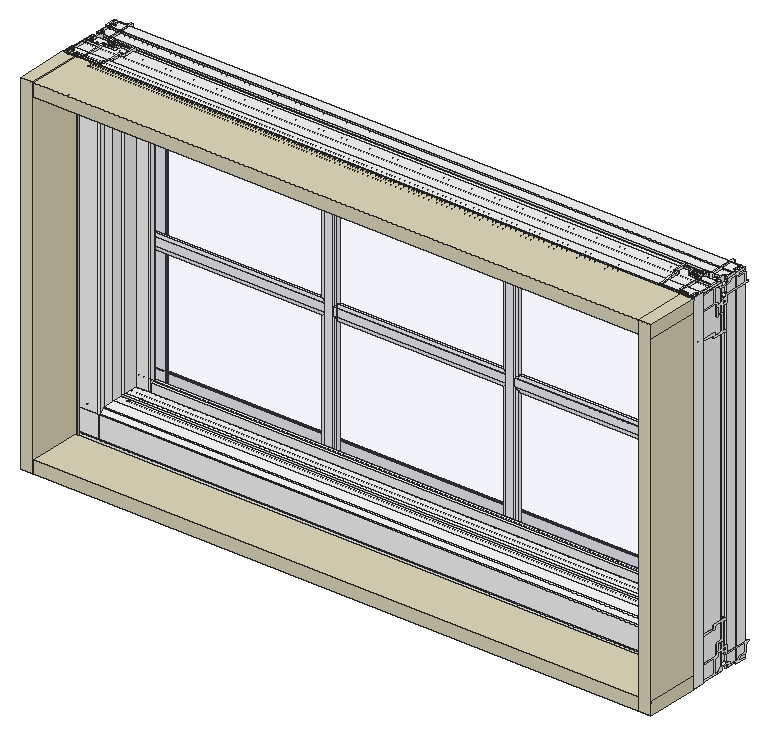
Revit family
Parameters
  Visible Light Transmission = 0
  Vertical Mullion 5 [instance] = and(Traditional Grille, not(Width > 5' 11 1/2"), and(Width > 5' 11 1/4"))  # no
  Vertical Mullion 4 [instance] = and(Traditional Grille, not(Width > 5' 11 1/4"), and(Width > 4' 11 1/4"))  # no
  Vertical Mullion 3 [instance] = and(Traditional Grille, not(Width > 4' 11 1/4"), and(Width > 3' 11 1/4"))  # no
  Vertical Mullion 2 [instance] = and(Traditional Grille, not(Width > 3' 11 1/4"), and(Width > 2' 3 1/4"))  # yes
  Vertical Mullion 1 [instance] = and(Traditional Grille, not(Width > 2' 3 1/4"), and(Width > 1' 5 1/4"))  # no
  Unit Width = 2' - 7 1/2"
  Unit Height = 1' - 5 1/2"
  URL = "www.pella.com"
  U Value = 0
  Traditional Grille [instance] = yes
  Solar Heat Gain Coefficient = 0
  Size Constraints = "Window Sizing constraints available in 1/4 inch (6.35 mm) increments"  # constant formula
  Set Back = 0' - 1 5/16"
  Series = "Impervia Series"  # constant formula
  Sections = ""
  Sash Width = Width - 0' 2.61339"  # 2' - 4.88661"
  STC Rating = 0
  Rough Width = Width + 0' 0 1/2"  # 2' - 8"
  Rough Height = Height + 0' 0 1/2"  # 1' - 6"
  Revisions Date = "10/08/2009"  # constant formula
  R Value = 0
  Prairie Grille [instance] = no
  OmniClass Title = "Casement Windows"  # constant formula
  OmniClass Number = "23.30.20.17.21.14"  # constant formula
  Model = "2816"
  MasterFormat Title = "Fiberglass Windows"  # constant formula
  MasterFormat Number = "08.54.66"  # constant formula
  Manufacturer = "Pella Windows & Doors"  # constant formula
  LEED = ""
  Interior Finish = Wood-Pella-Interior-Factory Primed
  Horizontal Mullion 1 [instance] = and(Traditional Grille, not(Height > 1' 11 1/2"), and(Height > 1' 5 1/4"))  # yes
  Height = if(or(and(Unit Height < 1' 11 1/2", Unit Height > 0' 11 1/2"), or(Unit Height = 1' 11 1/2", Unit Height = 0' 11 1/2")), Unit Height, if(Unit Height < 0' 11 1/2", 0' 11 1/2", 1' 11 1/2"))  # 1' - 5 1/2"
  Head Height = Default Sill Height + Height  # 4' - 1"
  Grille Finish = Cladding-Pella-White
  Glazing Type = Glazing-Pella-Argon Filled, Low-E Insulating Glass
  Glazing = 0' - 0.69016"  # constant formula
  Exterior Finish = Cladding-Pella-White
  Energy Star = ""
  Design Pressure = ""
  Description = "Casement - Transom Unit"  # constant formula
  Default Sill Height = 2' - 7 1/2"
  Wall Closure = (empty or 0)
  Width = if(or(and(Unit Width < 6' 7 1/2", Unit Width > 1' 5 1/2"), or(Unit Width = 6' 7 1/2", Unit Width = 1' 5 1/2")), Unit Width, if(Unit Width < 1' 5 1/2", 1' 5 1/2", 6' 7 1/2"))  # 2' - 7 1/2"
  Assembly Code = "B2020100"
  Architectural Design Manual = "www.pellaadm.com"
  Architectural Data Sheet = "To be determined"
  Air Leakage = 0
Reference planes (in)
  plane 1: y = 0
  plane 2 "Center (Left/Right)": x = 0
  plane 3 "Left": x = -15.75
  plane 4 "Right": x = 15.75
  plane 5 "Sill": z = 31.5
  plane 6 "Head": z = 49
  plane 7 "Exterior": y = 2.95276
  plane 8 "Interior": y = -2.95276
  plane 9 "Exterior Facade": y = 4.26526
  plane 10 "Set Back": y = 2.95276
  plane 11 "Left Sash": x = -14.44331
  plane 12 "Right Sash": x = 14.44331
  plane 13 "Head (Interior)": z = 47.6935
  plane 14 "Sill (Interior)": z = 32.8065
  plane 15: z = 40.25
  plane 16 "Glazing Exterior - Exterior": y = 2.74841
  plane 17 "Glazing Exterior - Interior": y = 2.6303
  plane 18 "Glazing Interior - Exterior": y = 2.05825
  plane 19 "Glazing Interior - Interior": y = 2.17636
  plane 20: x = 15.125
  plane 21: y = -0.29743
  plane 22: x = -15.125
  plane 23: y = -0.29743
  plane 24: z = 32.125
  plane 25: y = -0.29715
  plane 26: y = -0.29715
  plane 27: z = 48.375
  plane 28: z = 46.82519
  plane 29: z = 33.67481
  plane 30: x = -13.575
  plane 31: x = 13.575
  plane 32: x = 0.375
  plane 33: x = -0.375
  plane 34: x = -4.525
  plane 35: x = 4.525
  plane 36: x = -4.15
  plane 37: x = -4.9
  plane 38: x = 4.9
  plane 39: x = 4.15
  plane 40: x = -6.7875
  plane 41: x = 0
  plane 42: x = 6.7875
  plane 43: x = -6.4125
  plane 44: x = -7.1625
  plane 45: x = 7.1625
  plane 46: x = 6.4125
  plane 47: x = 0.375
  plane 48: x = -0.375
  plane 49: x = -8.145
  plane 50: x = -2.715
  plane 51: x = 2.715
  plane 52: x = 8.145
  plane 53: x = -7.77
  plane 54: x = -8.52
  plane 55: x = -2.34
  plane 56: x = -3.09
  plane 57: x = 3.09
  plane 58: x = 2.34
  plane 59: x = 8.52
  plane 60: x = 7.77
  plane 61: x = -9.05
  plane 62: x = -4.525
  plane 63: x = 0
  plane 64: x = 4.525
  plane 65: x = 9.05
  plane 66: z = 39.875
  plane 67: z = 40.625
  plane 68: z = 38.05827
  plane 69: z = 42.44173
  plane 70: z = 36.9624
  plane 71: z = 40.25
  plane 72: z = 43.5376
  plane 73: z = 36.30488
  plane 74: z = 38.93496
  plane 75: z = 41.56504
  plane 76: z = 44.19512
  plane 77: x = -9.70571
  plane 78: x = -10.45571
  plane 79: x = 10.45571
  plane 80: x = 9.70571
  plane 81: z = 42.98154
  plane 82: z = 43.73154
  plane 83: z = 37.51846
  plane 84: z = 36.76846
  plane 85: y = 2.28522
  plane 86: y = 2.52144
  plane 87: y = 2.28522
  plane 88: y = 2.52144
  plane 89: y = 2.28522
  plane 90: y = 2.52144
  plane 91: y = 2.28522
  plane 92: y = 2.52144
  plane 93: y = 2.28522
  plane 94: y = 2.52144
  plane 95: x = -14.4435
  plane 96: x = -14.3735
  plane 97: x = -13.9795
  plane 98: x = -13.9295
  plane 99: x = -13.7495
  plane 100: x = -13.6995
  plane 101: x = -13.6005
  plane 102: x = -13.1005
  plane 103: x = -13.0695
  plane 104: x = -12.9995
  plane 105: y = 2.82876
  plane 106: y = 2.77876
  plane 107: y = 2.62503
  plane 108: y = 2.53503
  plane 109: y = 2.48503
  plane 110: y = 2.05825
  plane 111: y = 1.97676
  plane 112: y = 1.77676
  plane 113: y = 1.72676
  plane 114: x = 8.675
  plane 115: x = 9.425
  plane 116: x = 4.15
  plane 117: x = 4.9
  plane 118: x = 0.375
  plane 119: x = -0.375
  plane 120: x = -4.9
  plane 121: x = -4.15
  plane 122: x = -8.675
  plane 123: x = -9.425
  plane 124: y = 2.52144
  plane 125: y = 2.28522
Forms (in)
  Sweep 1, solid, material "Cladding-Pella-White" <- "Exterior Finish"
    path origin (0, 2.95276, 0) x (1, 0, 0) y (0, 0, 1)
      loop
        line (-15.75, 31.5) -> (-15.75, 49)
    profile origin (-15.75, 2.95276, 40.25) x (-1, 0, 0) y (0, -1, 0)
      loop
        line (-0.15, 1.92) -> (-0.775, 1.92)
        arc (-0.775, 1.92) -> (-0.79621, 1.91121) -> (-0.805, 1.89) r 0.03
        line (-0.805, 1.89) -> (-0.805, 1.82)
        arc (-0.805, 1.82) -> (-0.82843, 1.76343) -> (-0.885, 1.74) r 0.08
        line (-0.885, 1.74) -> (-0.94, 1.74)
        arc (-0.94, 1.74) -> (-0.96121, 1.73121) -> (-0.97, 1.71) r 0.03
        line (-0.97, 1.71) -> (-0.97, 1.528)
        arc (-0.97, 1.528) -> (-0.96121, 1.50679) -> (-0.94, 1.498) r 0.03
        line (-0.94, 1.498) -> (-0.905, 1.498)
        arc (-0.905, 1.498) -> (-0.86257, 1.48043) -> (-0.845, 1.438) r 0.06
        line (-0.845, 1.438) -> (-0.845, 1.285)
        arc (-0.845, 1.285) -> (-0.83621, 1.26379) -> (-0.815, 1.255) r 0.03
        line (-0.815, 1.255) -> (-0.78, 1.255)
        arc (-0.78, 1.255) -> (-0.72343, 1.23157) -> (-0.7, 1.175) r 0.08
        line (-0.7, 1.175) -> (-0.7, 0.08)
        arc (-0.7, 0.08) -> (-0.69121, 0.05879) -> (-0.67, 0.05) r 0.03
        line (-0.67, 0.05) -> (-0.275, 0.05)
        arc (-0.275, 0.05) -> (-0.25379, 0.05879) -> (-0.245, 0.08) r 0.03
        line (-0.245, 0.08) -> (-0.245, 0.365)
        arc (-0.245, 0.365) -> (-0.21718, 0.43218) -> (-0.15, 0.46) r 0.095
        arc (-0.15, 0.46) -> (-0.12879, 0.46879) -> (-0.12, 0.49) r 0.03
        line (-0.12, 0.49) -> (-0.12, 0.88442)
        arc (-0.12, 0.88442) -> (-0.12603, 0.90692) -> (-0.1425, 0.92339) r 0.045
        line (-0.1425, 0.92339) -> (-0.22, 0.96813)
        arc (-0.22, 0.96813) -> (-0.2566, 1.00474) -> (-0.27, 1.05474) r 0.1
        line (-0.27, 1.05474) -> (-0.27, 1.51526)
        arc (-0.27, 1.51526) -> (-0.2566, 1.56526) -> (-0.22, 1.60187) r 0.1
        line (-0.22, 1.60187) -> (-0.1425, 1.64661)
        arc (-0.1425, 1.64661) -> (-0.12603, 1.66308) -> (-0.12, 1.68558) r 0.045
        line (-0.12, 1.68558) -> (-0.12, 1.89)
        arc (-0.12, 1.89) -> (-0.12879, 1.91121) -> (-0.15, 1.92) r 0.03
      loop
        line (-0.5, 3.03) -> (-0.795, 3.03)
        arc (-0.795, 3.03) -> (-0.81621, 3.02121) -> (-0.825, 3) r 0.03
        line (-0.825, 3) -> (-0.825, 2.02)
        arc (-0.825, 2.02) -> (-0.81621, 1.99879) -> (-0.795, 1.99) r 0.03
        line (-0.795, 1.99) -> (-0.15, 1.99)
        arc (-0.15, 1.99) -> (-0.12879, 1.99879) -> (-0.12, 2.02) r 0.03
        line (-0.12, 2.02) -> (-0.12, 2.76)
        arc (-0.12, 2.76) -> (-0.12879, 2.78121) -> (-0.15, 2.79) r 0.03
        arc (-0.15, 2.79) -> (-0.21718, 2.81782) -> (-0.245, 2.885) r 0.095
        line (-0.245, 2.885) -> (-0.245, 3.17)
        arc (-0.245, 3.17) -> (-0.25379, 3.19121) -> (-0.275, 3.2) r 0.03
        line (-0.275, 3.2) -> (-0.39, 3.2)
        arc (-0.39, 3.2) -> (-0.41121, 3.19121) -> (-0.42, 3.17) r 0.03
        line (-0.42, 3.17) -> (-0.42, 3.11)
        arc (-0.42, 3.11) -> (-0.44343, 3.05343) -> (-0.5, 3.03) r 0.08
      loop
        line (-1.792, 1.98234) -> (-1.792, 2.45149) -> (-1.69837, 2.88949) -> (-1.69837, 3.08793) -> (-0.7, 3.09469) -> (-0.64, 3.10969) -> (-0.5, 3.10969) -> (-0.5, 3.16969) -> (-0.64, 3.16969) -> (-0.7, 3.18469) -> (-1.70837, 3.178)
        arc (-1.70837, 3.178) -> (-1.76494, 3.15457) -> (-1.78837, 3.098) r 0.08
        line (-1.78837, 3.098) -> (-1.78837, 2.899) -> (-1.882, 2.461) -> (-1.882, 1.992) -> (-1.96079, 1.98925)
        arc (-1.96079, 1.98925) -> (-2.01555, 1.96487) -> (-2.038, 1.9093) r 0.08
        line (-2.038, 1.9093) -> (-2.038, 1.878) -> (-2.038, 1.245) -> (-1.948, 1.245) -> (-1.948, 1.365)
        arc (-1.948, 1.365) -> (-1.93922, 1.38621) -> (-1.918, 1.395) r 0.03
        line (-1.918, 1.395) -> (-1.48, 1.395)
        arc (-1.48, 1.395) -> (-1.42343, 1.41843) -> (-1.4, 1.475) r 0.08
        line (-1.4, 1.475) -> (-1.4, 1.53)
        arc (-1.4, 1.53) -> (-1.39414, 1.54414) -> (-1.38, 1.55) r 0.02
        line (-1.38, 1.55) -> (-1.24, 1.55) -> (-1.24, 1.61) -> (-1.38, 1.61)
        arc (-1.38, 1.61) -> (-1.39414, 1.61586) -> (-1.4, 1.63) r 0.02
        line (-1.4, 1.63) -> (-1.4, 1.74) -> (-1.17, 1.74) -> (-1.1639, 1.70055) -> (-1.07867, 1.74317)
        arc (-1.07867, 1.74317) -> (-1.06289, 1.77689) -> (-1.09208, 1.8) r 0.03
        line (-1.09208, 1.8) -> (-1.38, 1.8)
        arc (-1.38, 1.8) -> (-1.43657, 1.77657) -> (-1.46, 1.72) r 0.08
        line (-1.46, 1.72) -> (-1.46, 1.515)
        arc (-1.46, 1.515) -> (-1.46879, 1.49379) -> (-1.49, 1.485) r 0.03
        line (-1.49, 1.485) -> (-1.918, 1.485)
        arc (-1.918, 1.485) -> (-1.93922, 1.49379) -> (-1.948, 1.515) r 0.03
        line (-1.948, 1.515) -> (-1.948, 1.89964) -> (-1.86921, 1.90239)
        arc (-1.86921, 1.90239) -> (-1.81446, 1.92677) -> (-1.792, 1.98234) r 0.08
      loop
        arc (-1.04, 1.528) -> (-1.04879, 1.50679) -> (-1.07, 1.498) r 0.03
        line (-1.07, 1.498) -> (-1.35, 1.498) -> (-1.35, 1.428) -> (-1.115, 1.428)
        arc (-1.115, 1.428) -> (-1.10086, 1.42214) -> (-1.095, 1.408) r 0.02
        arc (-1.095, 1.408) -> (-1.07, 1.383) -> (-1.045, 1.408) r 0.025
        arc (-1.045, 1.408) -> (-1.03914, 1.42214) -> (-1.025, 1.428) r 0.02
        line (-1.025, 1.428) -> (-0.915, 1.428) -> (-0.915, 1.235) -> (-1.045, 1.235) -> (-1.045, 1.285) -> (-1.095, 1.285) -> (-1.095, 1.215)
        arc (-1.095, 1.215) -> (-1.08621, 1.19379) -> (-1.065, 1.185) r 0.03
        line (-1.065, 1.185) -> (-0.78, 1.185)
        arc (-0.78, 1.185) -> (-0.75879, 1.17621) -> (-0.75, 1.155) r 0.03
        line (-0.75, 1.155) -> (-0.75, -0.17) -> (-0.65, -0.17) -> (-0.53096, 0) -> (-0.275, 0)
        arc (-0.275, 0) -> (-0.21843, 0.02343) -> (-0.195, 0.08) r 0.08
        line (-0.195, 0.08) -> (-0.195, 0.41) -> (-0.07, 0.41) -> (-0.07, 0.1114) -> (-0.0343, 0.04767) -> (0, 0.04767) -> (0, 0.56) -> (-0.07, 0.56) -> (-0.07, 1.08062)
        arc (-0.07, 1.08062) -> (-0.11054, 1.11089) -> (-0.15052, 1.07988) r 0.04177
        line (-0.15052, 1.07988) -> (-0.15052, 1.03516) -> (-0.22, 1.03516) -> (-0.22, 1.535) -> (-0.15052, 1.535) -> (-0.15052, 1.49028)
        arc (-0.15052, 1.49028) -> (-0.11022, 1.45927) -> (-0.06983, 1.49016) r 0.04177
        line (-0.06983, 1.49016) -> (-0.06983, 2.68997) -> (0.00006, 2.68997) -> (0.00006, 3.20233) -> (-0.0343, 3.20233) -> (-0.07, 3.1386) -> (-0.07, 2.88501)
        arc (-0.07, 2.88501) -> (-0.08318, 2.85319) -> (-0.115, 2.84001) r 0.04499
        line (-0.115, 2.84001) -> (-0.14998, 2.84001)
        arc (-0.14998, 2.84001) -> (-0.18178, 2.85319) -> (-0.19495, 2.88499) r 0.04498
        line (-0.19495, 2.88499) -> (-0.19495, 3.17009)
        arc (-0.19495, 3.17009) -> (-0.21841, 3.22672) -> (-0.27505, 3.25018) r 0.08009
        line (-0.27505, 3.25018) -> (-0.72986, 3.25018)
        arc (-0.72986, 3.25018) -> (-0.74995, 3.225) -> (-0.72986, 3.19982) r 0.02583
        line (-0.72986, 3.19982) -> (-0.49995, 3.19982)
        arc (-0.49995, 3.19982) -> (-0.47881, 3.19106) -> (-0.47005, 3.16991) r 0.02991
        line (-0.47005, 3.16991) -> (-0.47005, 3.10999)
        arc (-0.47005, 3.10999) -> (-0.47883, 3.08879) -> (-0.50002, 3.08001) r 0.02998
        line (-0.50002, 3.08001) -> (-0.795, 3.08001)
        arc (-0.795, 3.08001) -> (-0.85157, 3.05658) -> (-0.875, 3.00001) r 0.08001
        line (-0.875, 3.00001) -> (-0.875, 1.84)
        arc (-0.875, 1.84) -> (-0.88379, 1.81879) -> (-0.905, 1.81) r 0.03
        line (-0.905, 1.81) -> (-0.995, 1.81)
        arc (-0.995, 1.81) -> (-1.02682, 1.79682) -> (-1.04, 1.765) r 0.045
        line (-1.04, 1.765) -> (-1.04, 1.69) -> (-1.35, 1.69) -> (-1.35, 1.62) -> (-1.04, 1.62) -> (-1.04, 1.528)
  Sweep 2, solid, material "Cladding-Pella-White" <- "Exterior Finish"
    path origin (0, 2.95276, 0) x (1, 0, 0) y (0, 0, 1)
      loop
        line (15.75, 31.5) -> (15.75, 49)
    profile origin (15.75, 2.95276, 40.25) x (-1, 0, 0) y (0, -1, 0)
      loop
        arc (0.15, 1.92) -> (0.12879, 1.91121) -> (0.12, 1.89) r 0.03
        line (0.12, 1.89) -> (0.12, 1.68558)
        arc (0.12, 1.68558) -> (0.12603, 1.66308) -> (0.1425, 1.64661) r 0.045
        line (0.1425, 1.64661) -> (0.22, 1.60187)
        arc (0.22, 1.60187) -> (0.2566, 1.56526) -> (0.27, 1.51526) r 0.1
        line (0.27, 1.51526) -> (0.27, 1.05474)
        arc (0.27, 1.05474) -> (0.2566, 1.00474) -> (0.22, 0.96813) r 0.1
        line (0.22, 0.96813) -> (0.1425, 0.92339)
        arc (0.1425, 0.92339) -> (0.12603, 0.90692) -> (0.12, 0.88442) r 0.045
        line (0.12, 0.88442) -> (0.12, 0.49)
        arc (0.12, 0.49) -> (0.12879, 0.46879) -> (0.15, 0.46) r 0.03
        arc (0.15, 0.46) -> (0.21718, 0.43218) -> (0.245, 0.365) r 0.095
        line (0.245, 0.365) -> (0.245, 0.08)
        arc (0.245, 0.08) -> (0.25379, 0.05879) -> (0.275, 0.05) r 0.03
        line (0.275, 0.05) -> (0.67, 0.05)
        arc (0.67, 0.05) -> (0.69121, 0.05879) -> (0.7, 0.08) r 0.03
        line (0.7, 0.08) -> (0.7, 1.175)
        arc (0.7, 1.175) -> (0.72343, 1.23157) -> (0.78, 1.255) r 0.08
        line (0.78, 1.255) -> (0.815, 1.255)
        arc (0.815, 1.255) -> (0.83621, 1.26379) -> (0.845, 1.285) r 0.03
        line (0.845, 1.285) -> (0.845, 1.438)
        arc (0.845, 1.438) -> (0.86257, 1.48043) -> (0.905, 1.498) r 0.06
        line (0.905, 1.498) -> (0.94, 1.498)
        arc (0.94, 1.498) -> (0.96121, 1.50679) -> (0.97, 1.528) r 0.03
        line (0.97, 1.528) -> (0.97, 1.71)
        arc (0.97, 1.71) -> (0.96121, 1.73121) -> (0.94, 1.74) r 0.03
        line (0.94, 1.74) -> (0.885, 1.74)
        arc (0.885, 1.74) -> (0.82843, 1.76343) -> (0.805, 1.82) r 0.08
        line (0.805, 1.82) -> (0.805, 1.89)
        arc (0.805, 1.89) -> (0.79621, 1.91121) -> (0.775, 1.92) r 0.03
        line (0.775, 1.92) -> (0.15, 1.92)
      loop
        arc (0.5, 3.03) -> (0.44343, 3.05343) -> (0.42, 3.11) r 0.08
        line (0.42, 3.11) -> (0.42, 3.17)
        arc (0.42, 3.17) -> (0.41121, 3.19121) -> (0.39, 3.2) r 0.03
        line (0.39, 3.2) -> (0.275, 3.2)
        arc (0.275, 3.2) -> (0.25379, 3.19121) -> (0.245, 3.17) r 0.03
        line (0.245, 3.17) -> (0.245, 2.885)
        arc (0.245, 2.885) -> (0.21718, 2.81782) -> (0.15, 2.79) r 0.095
        arc (0.15, 2.79) -> (0.12879, 2.78121) -> (0.12, 2.76) r 0.03
        line (0.12, 2.76) -> (0.12, 2.02)
        arc (0.12, 2.02) -> (0.12879, 1.99879) -> (0.15, 1.99) r 0.03
        line (0.15, 1.99) -> (0.795, 1.99)
        arc (0.795, 1.99) -> (0.81621, 1.99879) -> (0.825, 2.02) r 0.03
        line (0.825, 2.02) -> (0.825, 3)
        arc (0.825, 3) -> (0.81621, 3.02121) -> (0.795, 3.03) r 0.03
        line (0.795, 3.03) -> (0.5, 3.03)
      loop
        arc (1.792, 1.98234) -> (1.81446, 1.92677) -> (1.86921, 1.90239) r 0.08
        line (1.86921, 1.90239) -> (1.948, 1.89964) -> (1.948, 1.515)
        arc (1.948, 1.515) -> (1.93922, 1.49379) -> (1.918, 1.485) r 0.03
        line (1.918, 1.485) -> (1.49, 1.485)
        arc (1.49, 1.485) -> (1.46879, 1.49379) -> (1.46, 1.515) r 0.03
        line (1.46, 1.515) -> (1.46, 1.72)
        arc (1.46, 1.72) -> (1.43657, 1.77657) -> (1.38, 1.8) r 0.08
        line (1.38, 1.8) -> (1.09208, 1.8)
        arc (1.09208, 1.8) -> (1.06289, 1.77689) -> (1.07867, 1.74317) r 0.03
        line (1.07867, 1.74317) -> (1.1639, 1.70055) -> (1.17, 1.74) -> (1.4, 1.74) -> (1.4, 1.63)
        arc (1.4, 1.63) -> (1.39414, 1.61586) -> (1.38, 1.61) r 0.02
        line (1.38, 1.61) -> (1.24, 1.61) -> (1.24, 1.55) -> (1.38, 1.55)
        arc (1.38, 1.55) -> (1.39414, 1.54414) -> (1.4, 1.53) r 0.02
        line (1.4, 1.53) -> (1.4, 1.475)
        arc (1.4, 1.475) -> (1.42343, 1.41843) -> (1.48, 1.395) r 0.08
        line (1.48, 1.395) -> (1.918, 1.395)
        arc (1.918, 1.395) -> (1.93922, 1.38621) -> (1.948, 1.365) r 0.03
        line (1.948, 1.365) -> (1.948, 1.245) -> (2.038, 1.245) -> (2.038, 1.878) -> (2.038, 1.9093)
        arc (2.038, 1.9093) -> (2.01555, 1.96487) -> (1.96079, 1.98925) r 0.08
        line (1.96079, 1.98925) -> (1.882, 1.992) -> (1.882, 2.461) -> (1.78837, 2.899) -> (1.78837, 3.098)
        arc (1.78837, 3.098) -> (1.76494, 3.15457) -> (1.70837, 3.178) r 0.08
        line (1.70837, 3.178) -> (0.7, 3.18469) -> (0.64, 3.16969) -> (0.5, 3.16969) -> (0.5, 3.10969) -> (0.64, 3.10969) -> (0.7, 3.09469) -> (1.69837, 3.08793) -> (1.69837, 2.88949) -> (1.792, 2.45149) -> (1.792, 1.98234)
      loop
        line (1.04, 1.528) -> (1.04, 1.62) -> (1.35, 1.62) -> (1.35, 1.69) -> (1.04, 1.69) -> (1.04, 1.765)
        arc (1.04, 1.765) -> (1.02682, 1.79682) -> (0.995, 1.81) r 0.045
        line (0.995, 1.81) -> (0.905, 1.81)
        arc (0.905, 1.81) -> (0.88379, 1.81879) -> (0.875, 1.84) r 0.03
        line (0.875, 1.84) -> (0.875, 3.00001)
        arc (0.875, 3.00001) -> (0.85157, 3.05658) -> (0.795, 3.08001) r 0.08001
        line (0.795, 3.08001) -> (0.50002, 3.08001)
        arc (0.50002, 3.08001) -> (0.47883, 3.08879) -> (0.47005, 3.10999) r 0.02998
        line (0.47005, 3.10999) -> (0.47005, 3.16991)
        arc (0.47005, 3.16991) -> (0.47881, 3.19106) -> (0.49995, 3.19982) r 0.02991
        line (0.49995, 3.19982) -> (0.72986, 3.19982)
        arc (0.72986, 3.19982) -> (0.74995, 3.225) -> (0.72986, 3.25018) r 0.02583
        line (0.72986, 3.25018) -> (0.27505, 3.25018)
        arc (0.27505, 3.25018) -> (0.21841, 3.22672) -> (0.19495, 3.17009) r 0.08009
        line (0.19495, 3.17009) -> (0.19495, 2.88499)
        arc (0.19495, 2.88499) -> (0.18178, 2.85319) -> (0.14998, 2.84001) r 0.04498
        line (0.14998, 2.84001) -> (0.115, 2.84001)
        arc (0.115, 2.84001) -> (0.08318, 2.85319) -> (0.07, 2.88501) r 0.04499
        line (0.07, 2.88501) -> (0.07, 3.1386) -> (0.0343, 3.20233) -> (-0.00006, 3.20233) -> (-0.00006, 2.68997) -> (0.06983, 2.68997) -> (0.06983, 1.49016)
        arc (0.06983, 1.49016) -> (0.11022, 1.45927) -> (0.15052, 1.49028) r 0.04177
        line (0.15052, 1.49028) -> (0.15052, 1.535) -> (0.22, 1.535) -> (0.22, 1.03516) -> (0.15052, 1.03516) -> (0.15052, 1.07988)
        arc (0.15052, 1.07988) -> (0.11054, 1.11089) -> (0.07, 1.08062) r 0.04177
        line (0.07, 1.08062) -> (0.07, 0.56) -> (0, 0.56) -> (0, 0.04767) -> (0.0343, 0.04767) -> (0.07, 0.1114) -> (0.07, 0.41) -> (0.195, 0.41) -> (0.195, 0.08)
        arc (0.195, 0.08) -> (0.21843, 0.02343) -> (0.275, 0) r 0.08
        line (0.275, 0) -> (0.53096, 0) -> (0.65, -0.17) -> (0.75, -0.17) -> (0.75, 1.155)
        arc (0.75, 1.155) -> (0.75879, 1.17621) -> (0.78, 1.185) r 0.03
        line (0.78, 1.185) -> (1.065, 1.185)
        arc (1.065, 1.185) -> (1.08621, 1.19379) -> (1.095, 1.215) r 0.03
        line (1.095, 1.215) -> (1.095, 1.285) -> (1.045, 1.285) -> (1.045, 1.235) -> (0.915, 1.235) -> (0.915, 1.428) -> (1.025, 1.428)
        arc (1.025, 1.428) -> (1.03914, 1.42214) -> (1.045, 1.408) r 0.02
        arc (1.045, 1.408) -> (1.07, 1.383) -> (1.095, 1.408) r 0.025
        arc (1.095, 1.408) -> (1.10086, 1.42214) -> (1.115, 1.428) r 0.02
        line (1.115, 1.428) -> (1.35, 1.428) -> (1.35, 1.498) -> (1.07, 1.498)
        arc (1.07, 1.498) -> (1.04879, 1.50679) -> (1.04, 1.528) r 0.03
  Sweep 3, solid, material "Cladding-Pella-White" <- "Exterior Finish"
    path origin (0, 2.95276, 0) x (1, 0, 0) y (0, 0, 1)
      loop
        line (15.75, 49) -> (-15.75, 49)
    profile origin (0, 2.95276, 49) x (0, 0, -1) y (0, -1, 0)
      loop
        arc (0.795, 1.9899) -> (0.81621, 1.99869) -> (0.825, 2.0199) r 0.03
        line (0.825, 2.0199) -> (0.825, 2.9999)
        arc (0.825, 2.9999) -> (0.81621, 3.02111) -> (0.795, 3.0299) r 0.03
        line (0.795, 3.0299) -> (0.5, 3.0299)
        arc (0.5, 3.0299) -> (0.44343, 3.05333) -> (0.42, 3.1099) r 0.08
        line (0.42, 3.1099) -> (0.42, 3.1699)
        arc (0.42, 3.1699) -> (0.41121, 3.19111) -> (0.39, 3.1999) r 0.03
        line (0.39, 3.1999) -> (0.275, 3.1999)
        arc (0.275, 3.1999) -> (0.25379, 3.19111) -> (0.245, 3.1699) r 0.03
        line (0.245, 3.1699) -> (0.245, 2.8849)
        arc (0.245, 2.8849) -> (0.21718, 2.81773) -> (0.15, 2.7899) r 0.095
        arc (0.15, 2.7899) -> (0.12879, 2.78111) -> (0.12, 2.7599) r 0.03
        line (0.12, 2.7599) -> (0.12, 2.0199)
        arc (0.12, 2.0199) -> (0.12879, 1.99869) -> (0.15, 1.9899) r 0.03
        line (0.15, 1.9899) -> (0.795, 1.9899)
      loop
        arc (0.15, 1.9199) -> (0.12879, 1.91111) -> (0.12, 1.8899) r 0.03
        line (0.12, 1.8899) -> (0.12, 1.68548)
        arc (0.12, 1.68548) -> (0.12603, 1.66298) -> (0.1425, 1.64651) r 0.045
        line (0.1425, 1.64651) -> (0.22, 1.60177)
        arc (0.22, 1.60177) -> (0.2566, 1.56517) -> (0.27, 1.51517) r 0.1
        line (0.27, 1.51517) -> (0.27, 1.05464)
        arc (0.27, 1.05464) -> (0.2566, 1.00464) -> (0.22, 0.96803) r 0.1
        line (0.22, 0.96803) -> (0.1425, 0.92329)
        arc (0.1425, 0.92329) -> (0.12603, 0.90682) -> (0.12, 0.88432) r 0.045
        line (0.12, 0.88432) -> (0.12, 0.4899)
        arc (0.12, 0.4899) -> (0.12879, 0.46869) -> (0.15, 0.4599) r 0.03
        arc (0.15, 0.4599) -> (0.21718, 0.43208) -> (0.245, 0.3649) r 0.095
        line (0.245, 0.3649) -> (0.245, 0.0799)
        arc (0.245, 0.0799) -> (0.25379, 0.05869) -> (0.275, 0.0499) r 0.03
        line (0.275, 0.0499) -> (0.67, 0.0499)
        arc (0.67, 0.0499) -> (0.69121, 0.05869) -> (0.7, 0.0799) r 0.03
        line (0.7, 0.0799) -> (0.7, 1.1749)
        arc (0.7, 1.1749) -> (0.72343, 1.23147) -> (0.78, 1.2549) r 0.08
        line (0.78, 1.2549) -> (0.815, 1.2549)
        arc (0.815, 1.2549) -> (0.83621, 1.26369) -> (0.845, 1.2849) r 0.03
        line (0.845, 1.2849) -> (0.845, 1.4379)
        arc (0.845, 1.4379) -> (0.86257, 1.48033) -> (0.905, 1.4979) r 0.06
        line (0.905, 1.4979) -> (0.94, 1.4979)
        arc (0.94, 1.4979) -> (0.96121, 1.50669) -> (0.97, 1.5279) r 0.03
        line (0.97, 1.5279) -> (0.97, 1.5589) -> (0.97, 1.7099)
        arc (0.97, 1.7099) -> (0.96121, 1.73111) -> (0.94, 1.7399) r 0.03
        line (0.94, 1.7399) -> (0.885, 1.7399)
        arc (0.885, 1.7399) -> (0.82843, 1.76333) -> (0.805, 1.8199) r 0.08
        line (0.805, 1.8199) -> (0.805, 1.8899)
        arc (0.805, 1.8899) -> (0.79621, 1.91111) -> (0.775, 1.9199) r 0.03
        line (0.775, 1.9199) -> (0.15, 1.9199)
      loop
        line (1.04, 1.5279) -> (1.04, 1.5899)
        arc (1.04, 1.5899) -> (1.04879, 1.61111) -> (1.07, 1.6199) r 0.03
        line (1.07, 1.6199) -> (1.33, 1.6199)
        arc (1.33, 1.6199) -> (1.365, 1.6549) -> (1.33, 1.6899) r 0.035
        line (1.33, 1.6899) -> (1.07, 1.6899)
        arc (1.07, 1.6899) -> (1.04879, 1.69869) -> (1.04, 1.7199) r 0.03
        line (1.04, 1.7199) -> (1.04, 1.7649)
        arc (1.04, 1.7649) -> (1.02682, 1.79672) -> (0.995, 1.8099) r 0.045
        line (0.995, 1.8099) -> (0.905, 1.8099)
        arc (0.905, 1.8099) -> (0.88379, 1.81869) -> (0.875, 1.8399) r 0.03
        line (0.875, 1.8399) -> (0.875, 2.9999)
        arc (0.875, 2.9999) -> (0.85157, 3.05647) -> (0.795, 3.0799) r 0.08
        line (0.795, 3.0799) -> (0.5, 3.0799)
        arc (0.5, 3.0799) -> (0.47879, 3.08869) -> (0.47, 3.1099) r 0.03
        line (0.47, 3.1099) -> (0.47, 3.1699)
        arc (0.47, 3.1699) -> (0.47879, 3.19111) -> (0.5, 3.1999) r 0.03
        line (0.5, 3.1999) -> (0.73, 3.1999)
        arc (0.73, 3.1999) -> (0.755, 3.2249) -> (0.73, 3.2499) r 0.025
        line (0.73, 3.2499) -> (0.275, 3.2499)
        arc (0.275, 3.2499) -> (0.21843, 3.22647) -> (0.195, 3.1699) r 0.08
        line (0.195, 3.1699) -> (0.195, 2.8849)
        arc (0.195, 2.8849) -> (0.18182, 2.85308) -> (0.15, 2.8399) r 0.045
        line (0.15, 2.8399) -> (0.115, 2.8399)
        arc (0.115, 2.8399) -> (0.08318, 2.85308) -> (0.07, 2.8849) r 0.045
        line (0.07, 2.8849) -> (0.07, 3.13851) -> (0.037, 3.1974)
        arc (0.037, 3.1974) -> (0.0185, 3.20824) -> (0, 3.1974) r 0.02121
        line (0, 3.1974) -> (0, 2.6599) -> (0.07, 2.6599) -> (0.07, 1.4599) -> (0.15, 1.4599) -> (0.15, 1.5149)
        arc (0.15, 1.5149) -> (0.185, 1.5499) -> (0.22, 1.5149) r 0.035
        line (0.22, 1.5149) -> (0.22, 1.0549)
        arc (0.22, 1.0549) -> (0.185, 1.0199) -> (0.15, 1.0549) r 0.035
        line (0.15, 1.0549) -> (0.15, 1.1099) -> (0.07, 1.1099) -> (0.07, 0.5899) -> (0, 0.5899) -> (0, 0.0524)
        arc (0, 0.0524) -> (0.0185, 0.04156) -> (0.037, 0.0524) r 0.02121
        line (0.037, 0.0524) -> (0.07, 0.1113) -> (0.07, 0.3649)
        arc (0.07, 0.3649) -> (0.08318, 0.39672) -> (0.115, 0.4099) r 0.045
        line (0.115, 0.4099) -> (0.15, 0.4099)
        arc (0.15, 0.4099) -> (0.18182, 0.39672) -> (0.195, 0.3649) r 0.045
        line (0.195, 0.3649) -> (0.195, 0.0799)
        arc (0.195, 0.0799) -> (0.21843, 0.02333) -> (0.275, -0.0001) r 0.08
        line (0.275, -0.0001) -> (0.50754, -0.0001)
        arc (0.50754, -0.0001) -> (0.52832, -0.00518) -> (0.5444, -0.01929) r 0.045
        line (0.5444, -0.01929) -> (0.63656, -0.15091)
        arc (0.63656, -0.15091) -> (0.65265, -0.16501) -> (0.67343, -0.1701) r 0.045
        line (0.67343, -0.1701) -> (0.73, -0.1701)
        arc (0.73, -0.1701) -> (0.74414, -0.16424) -> (0.75, -0.1501) r 0.02
        line (0.75, -0.1501) -> (0.75, 1.1549)
        arc (0.75, 1.1549) -> (0.75879, 1.17611) -> (0.78, 1.1849) r 0.03
        line (0.78, 1.1849) -> (1.065, 1.1849)
        arc (1.065, 1.1849) -> (1.08621, 1.19369) -> (1.095, 1.2149) r 0.03
        line (1.095, 1.2149) -> (1.095, 1.2549)
        arc (1.095, 1.2549) -> (1.07, 1.2799) -> (1.045, 1.2549) r 0.025
        arc (1.045, 1.2549) -> (1.03914, 1.24076) -> (1.025, 1.2349) r 0.02
        line (1.025, 1.2349) -> (0.945, 1.2349)
        arc (0.945, 1.2349) -> (0.92379, 1.24369) -> (0.915, 1.2649) r 0.03
        line (0.915, 1.2649) -> (0.915, 1.3979)
        arc (0.915, 1.3979) -> (0.92379, 1.41911) -> (0.945, 1.4279) r 0.03
        line (0.945, 1.4279) -> (1.025, 1.4279)
        arc (1.025, 1.4279) -> (1.03914, 1.42204) -> (1.045, 1.4079) r 0.02
        arc (1.045, 1.4079) -> (1.07, 1.3829) -> (1.095, 1.4079) r 0.025
        arc (1.095, 1.4079) -> (1.10086, 1.42204) -> (1.115, 1.4279) r 0.02
        line (1.115, 1.4279) -> (1.33, 1.4279)
        arc (1.33, 1.4279) -> (1.365, 1.4629) -> (1.33, 1.4979) r 0.035
        line (1.33, 1.4979) -> (1.07, 1.4979)
        arc (1.07, 1.4979) -> (1.04879, 1.50669) -> (1.04, 1.5279) r 0.03
      loop
        line (1.81884, 3.1854) -> (0.7, 3.1854) -> (0.64, 3.1704) -> (0.48, 3.1704) -> (0.48, 3.1104) -> (0.64, 3.1104) -> (0.7, 3.0954) -> (1.81531, 3.0954) -> (2.001, 2.94541) -> (2.105, 2.45678) -> (2.105, 1.98941)
        arc (2.105, 1.98941) -> (2.1274, 1.93412) -> (2.18187, 1.90981) r 0.07983
        line (2.18187, 1.90981) -> (2.24133, 1.90773)
        arc (2.24133, 1.90773) -> (2.25533, 1.90157) -> (2.261, 1.88736) r 0.02019
        line (2.261, 1.88736) -> (2.261, 1.5224)
        arc (2.261, 1.5224) -> (2.25221, 1.50119) -> (2.231, 1.4924) r 0.03
        line (2.231, 1.4924) -> (1.49, 1.4924)
        arc (1.49, 1.4924) -> (1.46879, 1.50119) -> (1.46, 1.5224) r 0.03
        line (1.46, 1.5224) -> (1.46, 1.7274)
        arc (1.46, 1.7274) -> (1.43657, 1.78397) -> (1.38, 1.8074) r 0.08
        line (1.38, 1.8074) -> (1.09208, 1.8074)
        arc (1.09208, 1.8074) -> (1.06288, 1.78429) -> (1.07867, 1.75057) r 0.03
        line (1.07867, 1.75057) -> (1.16382, 1.70799) -> (1.17, 1.7474) -> (1.4, 1.7474) -> (1.4, 1.4824)
        arc (1.4, 1.4824) -> (1.42343, 1.42583) -> (1.48, 1.4024) r 0.08
        line (1.48, 1.4024) -> (2.231, 1.4024)
        arc (2.231, 1.4024) -> (2.25221, 1.39361) -> (2.261, 1.3724) r 0.03
        line (2.261, 1.3724) -> (2.261, 1.2824)
        arc (2.261, 1.2824) -> (2.306, 1.2374) -> (2.351, 1.2824) r 0.045
        line (2.351, 1.2824) -> (2.351, 1.8854) -> (2.351, 1.9167)
        arc (2.351, 1.9167) -> (2.32855, 1.97227) -> (2.27379, 1.99665) r 0.08
        line (2.27379, 1.99665) -> (2.195, 1.9994) -> (2.195, 2.4684) -> (2.08827, 2.96769)
        arc (2.08827, 2.96769) -> (2.0782, 2.99285) -> (2.0603, 3.0132) r 0.08
        line (2.0603, 3.0132) -> (1.86911, 3.16764)
        arc (1.86911, 3.16764) -> (1.8455, 3.18083) -> (1.81884, 3.1854) r 0.08
  Sweep 4, solid, material "Cladding-Pella-White" <- "Exterior Finish"
    path origin (0, 2.95276, 0) x (1, 0, 0) y (0, 0, 1)
      loop
        line (15.75, 31.5) -> (-15.75, 31.5)
    profile origin (0, 2.95276, 31.5) x (0, 0, -1) y (0, -1, 0)
      loop
        line (-0.795, 1.9899) -> (-0.15, 1.9899)
        arc (-0.15, 1.9899) -> (-0.12879, 1.99869) -> (-0.12, 2.0199) r 0.03
        line (-0.12, 2.0199) -> (-0.12, 2.7599)
        arc (-0.12, 2.7599) -> (-0.12879, 2.78111) -> (-0.15, 2.7899) r 0.03
        arc (-0.15, 2.7899) -> (-0.21718, 2.81773) -> (-0.245, 2.8849) r 0.095
        line (-0.245, 2.8849) -> (-0.245, 3.1699)
        arc (-0.245, 3.1699) -> (-0.25379, 3.19111) -> (-0.275, 3.1999) r 0.03
        line (-0.275, 3.1999) -> (-0.39, 3.1999)
        arc (-0.39, 3.1999) -> (-0.41121, 3.19111) -> (-0.42, 3.1699) r 0.03
        line (-0.42, 3.1699) -> (-0.42, 3.1099)
        arc (-0.42, 3.1099) -> (-0.44343, 3.05333) -> (-0.5, 3.0299) r 0.08
        line (-0.5, 3.0299) -> (-0.795, 3.0299)
        arc (-0.795, 3.0299) -> (-0.81621, 3.02111) -> (-0.825, 2.9999) r 0.03
        line (-0.825, 2.9999) -> (-0.825, 2.0199)
        arc (-0.825, 2.0199) -> (-0.81621, 1.99869) -> (-0.795, 1.9899) r 0.03
      loop
        line (-0.15, 1.9199) -> (-0.775, 1.9199)
        arc (-0.775, 1.9199) -> (-0.79621, 1.91111) -> (-0.805, 1.8899) r 0.03
        line (-0.805, 1.8899) -> (-0.805, 1.8199)
        arc (-0.805, 1.8199) -> (-0.82843, 1.76333) -> (-0.885, 1.7399) r 0.08
        line (-0.885, 1.7399) -> (-0.94, 1.7399)
        arc (-0.94, 1.7399) -> (-0.96121, 1.73111) -> (-0.97, 1.7099) r 0.03
        line (-0.97, 1.7099) -> (-0.97, 1.5589) -> (-0.97, 1.5279)
        arc (-0.97, 1.5279) -> (-0.96121, 1.50669) -> (-0.94, 1.4979) r 0.03
        line (-0.94, 1.4979) -> (-0.905, 1.4979)
        arc (-0.905, 1.4979) -> (-0.86257, 1.48033) -> (-0.845, 1.4379) r 0.06
        line (-0.845, 1.4379) -> (-0.845, 1.2849)
        arc (-0.845, 1.2849) -> (-0.83621, 1.26369) -> (-0.815, 1.2549) r 0.03
        line (-0.815, 1.2549) -> (-0.78, 1.2549)
        arc (-0.78, 1.2549) -> (-0.72343, 1.23147) -> (-0.7, 1.1749) r 0.08
        line (-0.7, 1.1749) -> (-0.7, 0.0799)
        arc (-0.7, 0.0799) -> (-0.69121, 0.05869) -> (-0.67, 0.0499) r 0.03
        line (-0.67, 0.0499) -> (-0.275, 0.0499)
        arc (-0.275, 0.0499) -> (-0.25379, 0.05869) -> (-0.245, 0.0799) r 0.03
        line (-0.245, 0.0799) -> (-0.245, 0.3649)
        arc (-0.245, 0.3649) -> (-0.21718, 0.43208) -> (-0.15, 0.4599) r 0.095
        arc (-0.15, 0.4599) -> (-0.12879, 0.46869) -> (-0.12, 0.4899) r 0.03
        line (-0.12, 0.4899) -> (-0.12, 0.88432)
        arc (-0.12, 0.88432) -> (-0.12603, 0.90682) -> (-0.1425, 0.92329) r 0.045
        line (-0.1425, 0.92329) -> (-0.22, 0.96803)
        arc (-0.22, 0.96803) -> (-0.2566, 1.00464) -> (-0.27, 1.05464) r 0.1
        line (-0.27, 1.05464) -> (-0.27, 1.51517)
        arc (-0.27, 1.51517) -> (-0.2566, 1.56517) -> (-0.22, 1.60177) r 0.1
        line (-0.22, 1.60177) -> (-0.1425, 1.64651)
        arc (-0.1425, 1.64651) -> (-0.12603, 1.66298) -> (-0.12, 1.68548) r 0.045
        line (-0.12, 1.68548) -> (-0.12, 1.8899)
        arc (-0.12, 1.8899) -> (-0.12879, 1.91111) -> (-0.15, 1.9199) r 0.03
      loop
        arc (-1.04, 1.5279) -> (-1.04879, 1.50669) -> (-1.07, 1.4979) r 0.03
        line (-1.07, 1.4979) -> (-1.33, 1.4979)
        arc (-1.33, 1.4979) -> (-1.365, 1.4629) -> (-1.33, 1.4279) r 0.035
        line (-1.33, 1.4279) -> (-1.115, 1.4279)
        arc (-1.115, 1.4279) -> (-1.10086, 1.42204) -> (-1.095, 1.4079) r 0.02
        arc (-1.095, 1.4079) -> (-1.07, 1.3829) -> (-1.045, 1.4079) r 0.025
        arc (-1.045, 1.4079) -> (-1.03914, 1.42204) -> (-1.025, 1.4279) r 0.02
        line (-1.025, 1.4279) -> (-0.945, 1.4279)
        arc (-0.945, 1.4279) -> (-0.92379, 1.41911) -> (-0.915, 1.3979) r 0.03
        line (-0.915, 1.3979) -> (-0.915, 1.2649)
        arc (-0.915, 1.2649) -> (-0.92379, 1.24369) -> (-0.945, 1.2349) r 0.03
        line (-0.945, 1.2349) -> (-1.025, 1.2349)
        arc (-1.025, 1.2349) -> (-1.03914, 1.24076) -> (-1.045, 1.2549) r 0.02
        arc (-1.045, 1.2549) -> (-1.07, 1.2799) -> (-1.095, 1.2549) r 0.025
        line (-1.095, 1.2549) -> (-1.095, 1.2149)
        arc (-1.095, 1.2149) -> (-1.08621, 1.19369) -> (-1.065, 1.1849) r 0.03
        line (-1.065, 1.1849) -> (-0.78, 1.1849)
        arc (-0.78, 1.1849) -> (-0.75879, 1.17611) -> (-0.75, 1.1549) r 0.03
        line (-0.75, 1.1549) -> (-0.75, -0.1501)
        arc (-0.75, -0.1501) -> (-0.74414, -0.16424) -> (-0.73, -0.1701) r 0.02
        line (-0.73, -0.1701) -> (-0.67343, -0.1701)
        arc (-0.67343, -0.1701) -> (-0.65265, -0.16501) -> (-0.63656, -0.15091) r 0.045
        line (-0.63656, -0.15091) -> (-0.5444, -0.01929)
        arc (-0.5444, -0.01929) -> (-0.52832, -0.00518) -> (-0.50754, -0.0001) r 0.045
        line (-0.50754, -0.0001) -> (-0.275, -0.0001)
        arc (-0.275, -0.0001) -> (-0.21843, 0.02333) -> (-0.195, 0.0799) r 0.08
        line (-0.195, 0.0799) -> (-0.195, 0.3649)
        arc (-0.195, 0.3649) -> (-0.18182, 0.39672) -> (-0.15, 0.4099) r 0.045
        line (-0.15, 0.4099) -> (-0.115, 0.4099)
        arc (-0.115, 0.4099) -> (-0.08318, 0.39672) -> (-0.07, 0.3649) r 0.045
        line (-0.07, 0.3649) -> (-0.07, 0.1113) -> (-0.037, 0.0524)
        arc (-0.037, 0.0524) -> (-0.0185, 0.04156) -> (0, 0.0524) r 0.02121
        line (0, 0.0524) -> (0, 0.5899) -> (-0.07, 0.5899) -> (-0.07, 1.1099) -> (-0.15, 1.1099) -> (-0.15, 1.0549)
        arc (-0.15, 1.0549) -> (-0.185, 1.0199) -> (-0.22, 1.0549) r 0.035
        line (-0.22, 1.0549) -> (-0.22, 1.5149)
        arc (-0.22, 1.5149) -> (-0.185, 1.5499) -> (-0.15, 1.5149) r 0.035
        line (-0.15, 1.5149) -> (-0.15, 1.4599) -> (-0.07, 1.4599) -> (-0.07, 2.6599) -> (0, 2.6599) -> (0, 3.1974)
        arc (0, 3.1974) -> (-0.0185, 3.20824) -> (-0.037, 3.1974) r 0.02121
        line (-0.037, 3.1974) -> (-0.07, 3.13851) -> (-0.07, 2.8849)
        arc (-0.07, 2.8849) -> (-0.08318, 2.85308) -> (-0.115, 2.8399) r 0.045
        line (-0.115, 2.8399) -> (-0.15, 2.8399)
        arc (-0.15, 2.8399) -> (-0.18182, 2.85308) -> (-0.195, 2.8849) r 0.045
        line (-0.195, 2.8849) -> (-0.195, 3.1699)
        arc (-0.195, 3.1699) -> (-0.21843, 3.22647) -> (-0.275, 3.2499) r 0.08
        line (-0.275, 3.2499) -> (-0.73, 3.2499)
        arc (-0.73, 3.2499) -> (-0.755, 3.2249) -> (-0.73, 3.1999) r 0.025
        line (-0.73, 3.1999) -> (-0.5, 3.1999)
        arc (-0.5, 3.1999) -> (-0.47879, 3.19111) -> (-0.47, 3.1699) r 0.03
        line (-0.47, 3.1699) -> (-0.47, 3.1099)
        arc (-0.47, 3.1099) -> (-0.47879, 3.08869) -> (-0.5, 3.0799) r 0.03
        line (-0.5, 3.0799) -> (-0.795, 3.0799)
        arc (-0.795, 3.0799) -> (-0.85157, 3.05647) -> (-0.875, 2.9999) r 0.08
        line (-0.875, 2.9999) -> (-0.875, 1.8399)
        arc (-0.875, 1.8399) -> (-0.88379, 1.81869) -> (-0.905, 1.8099) r 0.03
        line (-0.905, 1.8099) -> (-0.995, 1.8099)
        arc (-0.995, 1.8099) -> (-1.02682, 1.79672) -> (-1.04, 1.7649) r 0.045
        line (-1.04, 1.7649) -> (-1.04, 1.7199)
        arc (-1.04, 1.7199) -> (-1.04879, 1.69869) -> (-1.07, 1.6899) r 0.03
        line (-1.07, 1.6899) -> (-1.33, 1.6899)
        arc (-1.33, 1.6899) -> (-1.365, 1.6549) -> (-1.33, 1.6199) r 0.035
        line (-1.33, 1.6199) -> (-1.07, 1.6199)
        arc (-1.07, 1.6199) -> (-1.04879, 1.61111) -> (-1.04, 1.5899) r 0.03
        line (-1.04, 1.5899) -> (-1.04, 1.5279)
      loop
        arc (-1.81884, 3.1854) -> (-1.8455, 3.18083) -> (-1.86911, 3.16764) r 0.08
        line (-1.86911, 3.16764) -> (-2.0603, 3.0132)
        arc (-2.0603, 3.0132) -> (-2.0782, 2.99285) -> (-2.08827, 2.96769) r 0.08
        line (-2.08827, 2.96769) -> (-2.195, 2.4684) -> (-2.195, 1.9994) -> (-2.27379, 1.99665)
        arc (-2.27379, 1.99665) -> (-2.32855, 1.97227) -> (-2.351, 1.9167) r 0.08
        line (-2.351, 1.9167) -> (-2.351, 1.8854) -> (-2.351, 1.2824)
        arc (-2.351, 1.2824) -> (-2.306, 1.2374) -> (-2.261, 1.2824) r 0.045
        line (-2.261, 1.2824) -> (-2.261, 1.3724)
        arc (-2.261, 1.3724) -> (-2.25221, 1.39361) -> (-2.231, 1.4024) r 0.03
        line (-2.231, 1.4024) -> (-1.48, 1.4024)
        arc (-1.48, 1.4024) -> (-1.42343, 1.42583) -> (-1.4, 1.4824) r 0.08
        line (-1.4, 1.4824) -> (-1.4, 1.7474) -> (-1.17, 1.7474) -> (-1.16382, 1.70799) -> (-1.07867, 1.75057)
        arc (-1.07867, 1.75057) -> (-1.06288, 1.78429) -> (-1.09208, 1.8074) r 0.03
        line (-1.09208, 1.8074) -> (-1.38, 1.8074)
        arc (-1.38, 1.8074) -> (-1.43657, 1.78397) -> (-1.46, 1.7274) r 0.08
        line (-1.46, 1.7274) -> (-1.46, 1.5224)
        arc (-1.46, 1.5224) -> (-1.46879, 1.50119) -> (-1.49, 1.4924) r 0.03
        line (-1.49, 1.4924) -> (-2.231, 1.4924)
        arc (-2.231, 1.4924) -> (-2.25221, 1.50119) -> (-2.261, 1.5224) r 0.03
        line (-2.261, 1.5224) -> (-2.261, 1.88736)
        arc (-2.261, 1.88736) -> (-2.25533, 1.90157) -> (-2.24133, 1.90773) r 0.02019
        line (-2.24133, 1.90773) -> (-2.18187, 1.90981)
        arc (-2.18187, 1.90981) -> (-2.1274, 1.93412) -> (-2.105, 1.98941) r 0.07983
        line (-2.105, 1.98941) -> (-2.105, 2.45678) -> (-2.001, 2.94541) -> (-1.81531, 3.0954) -> (-0.7, 3.0954) -> (-0.64, 3.1104) -> (-0.48, 3.1104) -> (-0.48, 3.1704) -> (-0.64, 3.1704) -> (-0.7, 3.1854) -> (-1.81884, 3.1854)
  Sweep 5, solid, material "Cladding-Pella-White" <- "Exterior Finish"
    path origin (0, 2.95276, 0) x (1, 0, 0) y (0, 0, 1)
      loop
        line (14.44331, 32.8065) -> (-14.44331, 32.8065)
    profile origin (0, 2.95276, 32.8065) x (0, 0, -1) y (0, -1, 0)
      loop
        arc (-0.46381, 0.15976) -> (-0.45063, 0.12794) -> (-0.41881, 0.11476) r 0.045
        line (-0.41881, 0.11476) -> (-0.11481, 0.11476)
        arc (-0.11481, 0.11476) -> (-0.08299, 0.12794) -> (-0.06981, 0.15976) r 0.045
        line (-0.06981, 0.15976) -> (-0.06981, 1.07176)
        arc (-0.06981, 1.07176) -> (-0.08299, 1.10358) -> (-0.11481, 1.11676) r 0.045
        line (-0.11481, 1.11676) -> (-1.32881, 1.11676)
        arc (-1.32881, 1.11676) -> (-1.36063, 1.10358) -> (-1.37381, 1.07176) r 0.045
        line (-1.37381, 1.07176) -> (-1.37381, 0.96176)
        arc (-1.37381, 0.96176) -> (-1.36063, 0.92994) -> (-1.32881, 0.91676) r 0.045
        line (-1.32881, 0.91676) -> (-0.78881, 0.91676)
        arc (-0.78881, 0.91676) -> (-0.72163, 0.88893) -> (-0.69381, 0.82176) r 0.095
        line (-0.69381, 0.82176) -> (-0.69381, 0.45349)
        arc (-0.69381, 0.45349) -> (-0.68063, 0.42167) -> (-0.64881, 0.40849) r 0.045
        line (-0.64881, 0.40849) -> (-0.55881, 0.40849)
        arc (-0.55881, 0.40849) -> (-0.49163, 0.38066) -> (-0.46381, 0.31349) r 0.095
        line (-0.46381, 0.31349) -> (-0.46381, 0.15976)
      loop
        line (-1.42381, 0.86676) -> (-1.34281, 0.86676) -> (-1.34281, 0.83526) -> (-0.84281, 0.83526) -> (-0.84281, 0.86676) -> (-0.78881, 0.86676)
        arc (-0.78881, 0.86676) -> (-0.75699, 0.85358) -> (-0.74381, 0.82176) r 0.045
        line (-0.74381, 0.82176) -> (-0.74381, 0.11476)
        arc (-0.74381, 0.11476) -> (-0.71881, 0.08976) -> (-0.69381, 0.11476) r 0.025
        line (-0.69381, 0.11476) -> (-0.69381, 0.32849)
        arc (-0.69381, 0.32849) -> (-0.68502, 0.3497) -> (-0.66381, 0.35849) r 0.03
        line (-0.66381, 0.35849) -> (-0.55881, 0.35849)
        arc (-0.55881, 0.35849) -> (-0.52699, 0.34531) -> (-0.51381, 0.31349) r 0.045
        line (-0.51381, 0.31349) -> (-0.51381, 0.26849) -> (-0.59381, 0.26849) -> (-0.54241, 0.12727) -> (-0.45314, 0.06476) -> (0.25019, 0.06476)
        arc (0.25019, 0.06476) -> (0.27519, 0.08976) -> (0.25019, 0.11476) r 0.025
        line (0.25019, 0.11476) -> (0.02019, 0.11476)
        arc (0.02019, 0.11476) -> (0.00605, 0.12062) -> (0.00019, 0.13476) r 0.02
        line (0.00019, 0.13476) -> (0.00019, 0.82676)
        arc (0.00019, 0.82676) -> (0.00605, 0.8409) -> (0.02019, 0.84676) r 0.02
        arc (0.02019, 0.84676) -> (0.04519, 0.87176) -> (0.02019, 0.89676) r 0.025
        arc (0.02019, 0.89676) -> (0.00605, 0.90262) -> (0.00019, 0.91676) r 0.02
        line (0.00019, 0.91676) -> (0.00019, 1.09676)
        arc (0.00019, 1.09676) -> (0.00605, 1.1109) -> (0.02019, 1.11676) r 0.02
        arc (0.02019, 1.11676) -> (0.04519, 1.14176) -> (0.02019, 1.16676) r 0.025
        line (0.02019, 1.16676) -> (-1.38381, 1.16676)
        arc (-1.38381, 1.16676) -> (-1.42623, 1.14919) -> (-1.44381, 1.10676) r 0.06
        line (-1.44381, 1.10676) -> (-1.44381, 0.88676)
        arc (-1.44381, 0.88676) -> (-1.43795, 0.87262) -> (-1.42381, 0.86676) r 0.02
  Sweep 6, solid, material "Cladding-Pella-White" <- "Exterior Finish"
    path origin (0, 2.95276, 0) x (1, 0, 0) y (0, 0, 1)
      loop
        line (14.44331, 47.6935) -> (-14.44331, 47.6935)
    profile origin (0, 2.95276, 47.6935) x (0, 0, -1) y (0, -1, 0)
      loop
        line (0.46381, 0.15976) -> (0.46381, 0.31349)
        arc (0.46381, 0.31349) -> (0.49163, 0.38066) -> (0.55881, 0.40849) r 0.095
        line (0.55881, 0.40849) -> (0.64881, 0.40849)
        arc (0.64881, 0.40849) -> (0.68063, 0.42167) -> (0.69381, 0.45349) r 0.045
        line (0.69381, 0.45349) -> (0.69381, 0.82176)
        arc (0.69381, 0.82176) -> (0.72163, 0.88893) -> (0.78881, 0.91676) r 0.095
        line (0.78881, 0.91676) -> (1.32881, 0.91676)
        arc (1.32881, 0.91676) -> (1.36063, 0.92994) -> (1.37381, 0.96176) r 0.045
        line (1.37381, 0.96176) -> (1.37381, 1.07176)
        arc (1.37381, 1.07176) -> (1.36063, 1.10358) -> (1.32881, 1.11676) r 0.045
        line (1.32881, 1.11676) -> (0.11481, 1.11676)
        arc (0.11481, 1.11676) -> (0.08299, 1.10358) -> (0.06981, 1.07176) r 0.045
        line (0.06981, 1.07176) -> (0.06981, 0.15976)
        arc (0.06981, 0.15976) -> (0.08299, 0.12794) -> (0.11481, 0.11476) r 0.045
        line (0.11481, 0.11476) -> (0.41881, 0.11476)
        arc (0.41881, 0.11476) -> (0.45063, 0.12794) -> (0.46381, 0.15976) r 0.045
      loop
        arc (1.42381, 0.86676) -> (1.43795, 0.87262) -> (1.44381, 0.88676) r 0.02
        line (1.44381, 0.88676) -> (1.44381, 1.10676)
        arc (1.44381, 1.10676) -> (1.42623, 1.14919) -> (1.38381, 1.16676) r 0.06
        line (1.38381, 1.16676) -> (-0.02019, 1.16676)
        arc (-0.02019, 1.16676) -> (-0.04519, 1.14176) -> (-0.02019, 1.11676) r 0.025
        arc (-0.02019, 1.11676) -> (-0.00605, 1.1109) -> (-0.00019, 1.09676) r 0.02
        line (-0.00019, 1.09676) -> (-0.00019, 0.91676)
        arc (-0.00019, 0.91676) -> (-0.00605, 0.90262) -> (-0.02019, 0.89676) r 0.02
        arc (-0.02019, 0.89676) -> (-0.04519, 0.87176) -> (-0.02019, 0.84676) r 0.025
        arc (-0.02019, 0.84676) -> (-0.00605, 0.8409) -> (-0.00019, 0.82676) r 0.02
        line (-0.00019, 0.82676) -> (-0.00019, 0.13476)
        arc (-0.00019, 0.13476) -> (-0.00605, 0.12062) -> (-0.02019, 0.11476) r 0.02
        line (-0.02019, 0.11476) -> (-0.25019, 0.11476)
        arc (-0.25019, 0.11476) -> (-0.27519, 0.08976) -> (-0.25019, 0.06476) r 0.025
        line (-0.25019, 0.06476) -> (0.45314, 0.06476) -> (0.54241, 0.12727) -> (0.59381, 0.26849) -> (0.51381, 0.26849) -> (0.51381, 0.31349)
        arc (0.51381, 0.31349) -> (0.52699, 0.34531) -> (0.55881, 0.35849) r 0.045
        line (0.55881, 0.35849) -> (0.66381, 0.35849)
        arc (0.66381, 0.35849) -> (0.68502, 0.3497) -> (0.69381, 0.32849) r 0.03
        line (0.69381, 0.32849) -> (0.69381, 0.11476)
        arc (0.69381, 0.11476) -> (0.71881, 0.08976) -> (0.74381, 0.11476) r 0.025
        line (0.74381, 0.11476) -> (0.74381, 0.82176)
        arc (0.74381, 0.82176) -> (0.75699, 0.85358) -> (0.78881, 0.86676) r 0.045
        line (0.78881, 0.86676) -> (0.84281, 0.86676) -> (0.84281, 0.83526) -> (1.34281, 0.83526) -> (1.34281, 0.86676) -> (1.42381, 0.86676)
  Sweep 7, solid, material "Cladding-Pella-White" <- "Exterior Finish"
    path origin (0, 2.95276, 0) x (1, 0, 0) y (0, 0, 1)
      loop
        line (14.44331, 47.6935) -> (14.44331, 32.8065)
    profile origin (14.44331, 2.95276, 40.25) x (0, -1, 0) y (1, 0, 0)
      loop
        line (0.219, -0.46381) -> (0.37273, -0.46381)
        arc (0.37273, -0.46381) -> (0.4399, -0.49163) -> (0.46773, -0.55881) r 0.095
        line (0.46773, -0.55881) -> (0.46773, -0.64881)
        arc (0.46773, -0.64881) -> (0.48091, -0.68063) -> (0.51273, -0.69381) r 0.045
        line (0.51273, -0.69381) -> (0.881, -0.69381)
        arc (0.881, -0.69381) -> (0.94818, -0.72163) -> (0.976, -0.78881) r 0.095
        line (0.976, -0.78881) -> (0.976, -1.32881)
        arc (0.976, -1.32881) -> (0.98918, -1.36063) -> (1.021, -1.37381) r 0.045
        line (1.021, -1.37381) -> (1.131, -1.37381)
        arc (1.131, -1.37381) -> (1.16282, -1.36063) -> (1.176, -1.32881) r 0.045
        line (1.176, -1.32881) -> (1.176, -0.11481)
        arc (1.176, -0.11481) -> (1.16282, -0.08299) -> (1.131, -0.06981) r 0.045
        line (1.131, -0.06981) -> (0.219, -0.06981)
        arc (0.219, -0.06981) -> (0.18718, -0.08299) -> (0.174, -0.11481) r 0.045
        line (0.174, -0.11481) -> (0.174, -0.41881)
        arc (0.174, -0.41881) -> (0.18718, -0.45063) -> (0.219, -0.46381) r 0.045
      loop
        arc (0.926, -1.42381) -> (0.93186, -1.43795) -> (0.946, -1.44381) r 0.02
        line (0.946, -1.44381) -> (1.166, -1.44381)
        arc (1.166, -1.44381) -> (1.20843, -1.42623) -> (1.226, -1.38381) r 0.06
        line (1.226, -1.38381) -> (1.226, 0.02019)
        arc (1.226, 0.02019) -> (1.201, 0.04519) -> (1.176, 0.02019) r 0.025
        arc (1.176, 0.02019) -> (1.17014, 0.00605) -> (1.156, 0.00019) r 0.02
        line (1.156, 0.00019) -> (0.976, 0.00019)
        arc (0.976, 0.00019) -> (0.96186, 0.00605) -> (0.956, 0.02019) r 0.02
        arc (0.956, 0.02019) -> (0.931, 0.04519) -> (0.906, 0.02019) r 0.025
        arc (0.906, 0.02019) -> (0.90014, 0.00605) -> (0.886, 0.00019) r 0.02
        line (0.886, 0.00019) -> (0.194, 0.00019)
        arc (0.194, 0.00019) -> (0.17986, 0.00605) -> (0.174, 0.02019) r 0.02
        line (0.174, 0.02019) -> (0.174, 0.25019)
        arc (0.174, 0.25019) -> (0.149, 0.27519) -> (0.124, 0.25019) r 0.025
        line (0.124, 0.25019) -> (0.124, -0.45314) -> (0.18651, -0.54241) -> (0.32773, -0.59381) -> (0.32773, -0.51381) -> (0.37273, -0.51381)
        arc (0.37273, -0.51381) -> (0.40455, -0.52699) -> (0.41773, -0.55881) r 0.045
        line (0.41773, -0.55881) -> (0.41773, -0.66381)
        arc (0.41773, -0.66381) -> (0.40894, -0.68502) -> (0.38773, -0.69381) r 0.03
        line (0.38773, -0.69381) -> (0.174, -0.69381)
        arc (0.174, -0.69381) -> (0.149, -0.71881) -> (0.174, -0.74381) r 0.025
        line (0.174, -0.74381) -> (0.881, -0.74381)
        arc (0.881, -0.74381) -> (0.91282, -0.75699) -> (0.926, -0.78881) r 0.045
        line (0.926, -0.78881) -> (0.926, -0.84281) -> (0.8945, -0.84281) -> (0.8945, -1.34281) -> (0.926, -1.34281) -> (0.926, -1.42381)
  Sweep 8, solid, material "Cladding-Pella-White" <- "Exterior Finish"
    path origin (0, 2.95276, -0.22798) x (1, 0, 0) y (0, 0, 1)
      loop
        line (-14.44331, 47.92148) -> (-14.44331, 33.03448)
    profile origin (-14.44331, 2.95276, 40.25) x (0, -1, 0) y (1, 0, 0)
      loop
        arc (0.219, 0.46381) -> (0.18718, 0.45063) -> (0.174, 0.41881) r 0.045
        line (0.174, 0.41881) -> (0.174, 0.11481)
        arc (0.174, 0.11481) -> (0.18718, 0.08299) -> (0.219, 0.06981) r 0.045
        line (0.219, 0.06981) -> (1.131, 0.06981)
        arc (1.131, 0.06981) -> (1.16282, 0.08299) -> (1.176, 0.11481) r 0.045
        line (1.176, 0.11481) -> (1.176, 1.32881)
        arc (1.176, 1.32881) -> (1.16282, 1.36063) -> (1.131, 1.37381) r 0.045
        line (1.131, 1.37381) -> (1.021, 1.37381)
        arc (1.021, 1.37381) -> (0.98918, 1.36063) -> (0.976, 1.32881) r 0.045
        line (0.976, 1.32881) -> (0.976, 0.78881)
        arc (0.976, 0.78881) -> (0.94818, 0.72163) -> (0.881, 0.69381) r 0.095
        line (0.881, 0.69381) -> (0.51273, 0.69381)
        arc (0.51273, 0.69381) -> (0.48091, 0.68063) -> (0.46773, 0.64881) r 0.045
        line (0.46773, 0.64881) -> (0.46773, 0.55881)
        arc (0.46773, 0.55881) -> (0.4399, 0.49163) -> (0.37273, 0.46381) r 0.095
        line (0.37273, 0.46381) -> (0.219, 0.46381)
      loop
        line (0.926, 1.42381) -> (0.926, 1.34281) -> (0.8945, 1.34281) -> (0.8945, 0.84281) -> (0.926, 0.84281) -> (0.926, 0.78881)
        arc (0.926, 0.78881) -> (0.91282, 0.75699) -> (0.881, 0.74381) r 0.045
